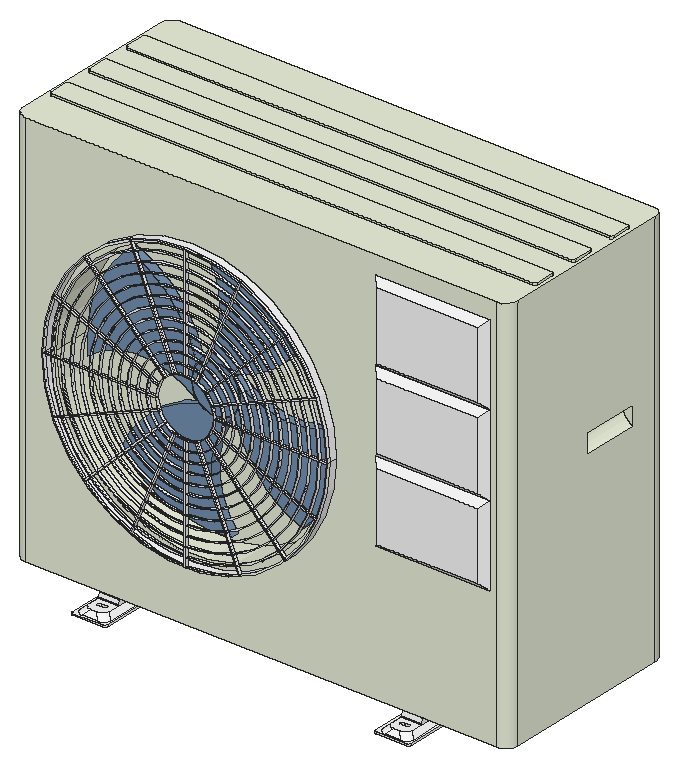
Revit family "8(10,12,14,16,18)kW", category Mechanical Equipment, Revit 2013
Parameters (values of type "8kw")
  clearance access right = 1000.000 mm
  clearance access left = 1000.000 mm
  clearance access front = 1000.000 mm
  clearance access behind = 1000.000 mm
  clearance [instance] = no
  Width = 1038.000 mm
  Series = "VRF"
  Power supply = "220-240V~ 50Hz"
  Net Weight = 77.00 kg
  Model = "8kw"
  Minimum Circuit Amps = 21.3 A
  Maximum Fuse Amps = 25 A
  Manufacturer = "Midea"
  Liquid pipe Radius = 0.5 * Liquid pipe  # 4.750 mm
  Liquid pipe = 9.500 mm
  Installation = "Outdoor installation"
  Height = 864.000 mm
  Heating Power Input = 2.50 kW
  Heating Capacity = 9.00 kW
  Gas pipe Radius = 0.5 * Gas pipe  # 7.950 mm
  Gas pipe = 15.900 mm
  Gas = "R32"
  Description = ""
  Depth = 409.000 mm
  Cooling Power Input = 2.00 kW
  Cooling Capacity = 7.20 kW
  Condensation = "Air"
  Casing color = "SB2098"
Types (7, lengths in mm): name | Net Weight | Model | Minimum Circuit Amps | Maximum Fuse Amps | Heating Power Input | Heating Capacity | Gas pipe Radius | Gas pipe | Cooling Power Input | Cooling Capacity
  (no name) | 77.00 kg | "8kw" | 21.3 A | 25 A | 2.50 kW | 9.00 kW | 7.950 | 15.900 | 2.00 kW | 7.20 kW
  8kw | 77.00 kg | "8kw" | 21.3 A | 25 A | 2.50 kW | 9.00 kW | 7.950 | 15.900 | 2.00 kW | 7.20 kW
  10kw | 77.00 kg | "10kw" | 24 A | 25 A | 3.20 kW | 10.80 kW | 7.950 | 15.900 | 2.80 kW | 9.00 kW
  12kw | 94.00 kg | "12kw" | 32 A | 32 A | 3.60 kW | 14.00 kW | 7.950 | 15.900 | 3.70 kW | 12.30 kW
  14kw | 94.00 kg | "14kw" | 35 A | 40 A | 4.20 kW | 16.00 kW | 7.950 | 15.900 | 4.70 kW | 14.00 kW
  16kw | 94.00 kg | "16kw" | 40 A | 40 A | 4.70 kW | 17.50 kW | 7.950 | 15.900 | 5.30 kW | 15.50 kW
  18kW | 94.00 kg | "18kW" | 40 A | 40 A | 5.60 kW | 19.50 kW | 9.550 | 19.100 | 6.50 kW | 17.50 kW
Reference planes
  plane 1 "Center (Front/Back)": y = 0
  plane 2: z = 0
  plane 3 "Center (Left/Right)": x = 0
  plane 4: y = -245.5
  plane 5: x = -519
  plane 6: x = 519
  plane 7: z = 312.087
  plane 8: z = 864
  plane 9: y = 220
  plane 10: y = 16
  plane 11: z = 567.087
  plane 12: z = 822.087
  plane 13: z = 482.087
  plane 14: z = 652.087
Forms (mm)
  Extrusion 1, solid, material "Galvanized Steel", detail levels medium+fine
    sketch origin (-463, 0, 789) x (1, 0, 0) y (0, 1, 0)
      loop
        line (957, 220) -> (-31, 220)
        arc (-31, 220) -> (-48.678, 212.678) -> (-56, 195) r 25
        line (-56, 195) -> (-56, -164)
        arc (-56, -164) -> (-48.678, -181.678) -> (-31, -189) r 25
        line (-31, -189) -> (957, -189)
        arc (957, -189) -> (974.678, -181.678) -> (982, -164) r 25
        line (982, -164) -> (982, 195)
        arc (982, 195) -> (974.678, 212.678) -> (957, 220) r 25
    from -765 to 71
  Extrusion 2, void
    sketch origin (-20, 0, 40) x (1, 0, 0) y (0, 0, 1)
      loop
        circle (-122.999, 406.499) r 286
    from 110.334 to 189
  Extrusion 3, solid, material "Galvanized Steel", detail levels fine
    sketch origin (0, 20, 0) x (1, 0, 0) y (0, 1, 0)
      loop
        line (505, 20.787) -> (0, 20.787) -> (-505, 20.787)
        arc (-505, 20.787) -> (-508.536, 19.323) -> (-510, 15.787) r 5
        line (-510, 15.787) -> (-510, -21.969)
        arc (-510, -21.969) -> (-508.536, -25.504) -> (-505, -26.969) r 5
        line (-505, -26.969) -> (0, -26.969) -> (505, -26.969)
        arc (505, -26.969) -> (508.536, -25.504) -> (510, -21.969) r 5
        line (510, -21.969) -> (510, 15.787)
        arc (510, 15.787) -> (508.536, 19.323) -> (505, 20.787) r 5
      loop
        line (505, 120.787) -> (0, 120.787) -> (-505, 120.787)
        arc (-505, 120.787) -> (-508.536, 119.323) -> (-510, 115.787) r 5
        line (-510, 115.787) -> (-510, 78.031)
        arc (-510, 78.031) -> (-508.536, 74.496) -> (-505, 73.031) r 5
        line (-505, 73.031) -> (0, 73.031) -> (505, 73.031)
        arc (505, 73.031) -> (508.536, 74.496) -> (510, 78.031) r 5
        line (510, 78.031) -> (510, 115.787)
        arc (510, 115.787) -> (508.536, 119.323) -> (505, 120.787) r 5
      loop
        line (505, -79.213) -> (0, -79.213) -> (-505, -79.213)
        arc (-505, -79.213) -> (-508.536, -80.677) -> (-510, -84.213) r 5
        line (-510, -84.213) -> (-510, -121.969)
        arc (-510, -121.969) -> (-508.536, -125.504) -> (-505, -126.969) r 5
        line (-505, -126.969) -> (0, -126.969) -> (505, -126.969)
        arc (505, -126.969) -> (508.536, -125.504) -> (510, -121.969) r 5
        line (510, -121.969) -> (510, -84.213)
        arc (510, -84.213) -> (508.536, -80.677) -> (505, -79.213) r 5
    from 860 to 864
  Extrusion 4, void
    sketch origin (-438, -192, 810) x (1, 0, 0) y (0, 0, -1)
      loop
        line (731.52, 217.5) -> (811.52, 217.5) -> (811.52, 257.5) -> (731.52, 257.5) -> (731.52, 217.5)
    from 0 to 30.666
  Extrusion 5, solid, material "Galvanized Steel", detail levels medium+fine
    sketch origin (458, -189, 799) x (-1, 0, 0) y (0, 0, -1)
      loop
        circle (30.982, 736.541) r 4.765
    from -421 to -383.266
  Extrusion 6, solid, material "Galvanized Steel", detail levels medium+fine
    sketch origin (458, -189, 829) x (-1, 0, 0) y (0, 0, -1)
      loop
        circle (30.982, 736.541) r 7.95
    from -421 to -383.266
  Extrusion 7, void
    sketch origin (65.5, 0, 0) x (1, 0, 0) y (0, 0, 1)
      loop
        line (446.25, 532.035) -> (428.211, 532.035)
        arc (428.211, 532.035) -> (441.329, 500.364) -> (473, 487.246) r 44.789
        line (473, 487.246) -> (473, 532.035) -> (446.25, 532.035)
    from -137.024 to -16.461
  Extrusion 8, solid, material "HXL-White", detail levels fine
    sketch origin (0, 0, 0) x (1, 0, 0) y (0, 1, 0)
      loop
        line (240, -189) -> (254.142, -203.142) -> (465.789, -203.142) -> (479.931, -189) -> (240, -189)
    from 312.087 to 822.087
  Extrusion 9, void
    sketch origin (0, 0, 0) x (0, 1, 0) y (0, 0, 1)
      loop
        line (-189, 652.087) -> (-203.142, 666.229) -> (-203.142, 637.945) -> (-189, 652.087)
      loop
        line (-189, 482.087) -> (-203.142, 496.229) -> (-203.142, 467.945) -> (-189, 482.087)
      loop
        line (-189, 312.087) -> (-203.142, 326.229) -> (-203.142, 297.945) -> (-189, 312.087)
      loop
        line (-189, 822.087) -> (-203.142, 836.229) -> (-203.142, 807.945) -> (-189, 822.087)
    from 240 to 479.931
Cuts and joins
  Extrusion 2, Extrusion 4, Extrusion 7 cuts Extrusion 1
  Extrusion 9 cuts Extrusion 8
Lines and regions (mm)
  model lines, detail levels coarse
    curve 1: line (-519, 220, 24) -> (-519, -189, 24)
    curve 2: line (519, 220, 24) -> (-519, 220, 24)
    curve 3: line (519, -189, 24) -> (519, 220, 24)
    curve 4: line (-519, -189, 24) -> (519, -189, 24)
    curve 5: line (536.5, 221, 860) -> (536.5, 221, 24)
    curve 6: line (-536.5, 221, 24) -> (-536.5, 221, 860)
    curve 7: line (536.5, -189, 860) -> (536.5, -189, 24)
    curve 8: line (-536.5, -189, 24) -> (-536.5, -189, 860)
    curve 9: line (519, -189, 860) -> (519, 220, 860)
    curve 10: line (519, 220, 860) -> (-519, 220, 860)
    curve 11: line (-519, 220, 860) -> (-519, -189, 860)
    curve 12: line (-519, -189, 860) -> (519, -189, 860)
Dimensions and locks
  aligned and locked: level to plane 2
Nested families
  nested 1: "xiaodijia523" at (318, 50.5, 0), type "xiaodijia523", detail levels medium+fine
  nested 2: "xiaodijia523" at (-318, 50.5, 0), type "xiaodijia523", detail levels medium+fine
  nested 3: "fengkou300+hou" at (-143, -211, 446.5) x (1, 0, 0) z (0, 1, 0), type "fengkou300+hou", detail levels medium+fine
  nested 4: "fengshan270" at (-142.996, -100, 446.5) x (0, 0, 1) z (0, -1, 0), type "fengshan270", detail levels fine
  nested 5: "service space" at (519, -189, 0), Height <- "Height", visible <- "clearance", type "Service  Space"
    with Width 600.000 mm, Height 864.000 mm, Depth 409.000 mm
  nested 6: "service space" at (-819, -189, 0), Height <- "Height", visible <- "clearance", type "Service  Space"
    with Width 300.000 mm, Height 864.000 mm, Depth 409.000 mm
  nested 7: "service space" at (-519, 220, 0), Height <- "Height", visible <- "clearance", type "Service  Space"
    with Width 1038.000 mm, Height 864.000 mm, Depth 300.000 mm
  nested 8: "service space" at (-519, -2189, 0), Height <- "Height", visible <- "clearance", type "Service  Space"
    with Width 1038.000 mm, Height 864.000 mm, Depth 2000.000 mm
Connectors
  piping at (427.018, 232, 62.459), driven by "Liquid pipe Radius"
    settings: on Extrusion 5, index 2, connector radius 0.18701", flow factor 0, pipe flow 0 GPM, pressure drop 0.00 psi, fitting loss kfactor 0, connector angle 0.00°, fixture units 0, engagement length 0.000 mm, flow configuration 0, flow direction 0, fitting loss method 0, system type 7, joint type 0, gender type 0, connector reference index -1, connector utility 0, adjustable connector no, is connector primary yes, fitting loss table "", connector description ""
  piping at (427.018, 232, 92.459), driven by "Gas pipe Radius"
    settings: on Extrusion 6, index 3, connector radius 0.31299", flow factor 0, pipe flow 0 GPM, pressure drop 0.00 psi, fitting loss kfactor 0, connector angle 0.00°, fixture units 0, engagement length 0.000 mm, flow configuration 0, flow direction 0, fitting loss method 0, system type 8, joint type 0, gender type 0, connector reference index -1, connector utility 0, adjustable connector no, is connector primary no, fitting loss table "", connector description ""
  electrical at (359.966, -203.142, 567.087)
    settings: on cut or joined group of Extrusion 8, Extrusion 9, index 4, voltage 0 V, apparent load 0 VA, apparent load phase1 0 VA, apparent load phase2 0 VA, apparent load phase3 0 VA, power factor 1, load classification "Other", number of poles 1, system type 31, power factor state 1, is connector primary yes, connector utility no, sub classification motor no, connector description ""
Definition of nested family "xiaodijia523"
  Reference planes
    plane 1 "Center (Front/Back)": y = 0
    plane 2: z = 0
    plane 3 "Center (Left/Right)": x = 0
    plane 4: y = 227
    plane 5: x = -36.5
    plane 6: x = 36.5
    plane 7: z = 12
    plane 8: z = 3
    plane 9: z = 24
    plane 10: x = 21.5
    plane 11: x = -21.5
    plane 12: y = 190
    plane 13: y = -259
    plane 14: x = -6
    plane 15: x = 6
    plane 16: y = -186
    plane 17: y = -194
    plane 18: y = -296
    plane 19: y = -34.5
  Forms (mm)
    Blend 1, solid, material "HXL White"
      base sketch origin (0, 0, 0) x (1, 0, 0) y (0, 1, 0)
        loop
          line (6.5, 212) -> (-6.5, 212)
          arc (-6.5, 212) -> (-17.107, 207.607) -> (-21.5, 197) r 15
          line (-21.5, 197) -> (-21.5, -266)
          arc (-21.5, -266) -> (-17.107, -276.607) -> (-6.5, -281) r 15
          line (-6.5, -281) -> (6.5, -281)
          arc (6.5, -281) -> (17.107, -276.607) -> (21.5, -266) r 15
          line (21.5, -266) -> (21.5, 197)
          arc (21.5, 197) -> (17.107, 207.607) -> (6.5, 212) r 15
      top sketch origin (0, 0, 0) x (1, 0, 0) y (0, 1, 0)
        loop
          line (26.5, 222) -> (-26.5, 222)
          arc (-26.5, 222) -> (-30.036, 220.536) -> (-31.5, 217) r 5
          line (-31.5, 217) -> (-31.5, -276)
          arc (-31.5, -276) -> (-27.107, -286.607) -> (-16.5, -291) r 15
          line (-16.5, -291) -> (16.5, -291)
          arc (16.5, -291) -> (27.107, -286.607) -> (31.5, -276) r 15
          line (31.5, -276) -> (31.5, 217)
          arc (31.5, 217) -> (30.036, 220.536) -> (26.5, 222) r 5
      from 12 to 3
    Blend 2, void
      base sketch origin (0, 0, 0) x (1, 0, 0) y (0, 1, 0)
        loop
          line (6.5, 202) -> (-6.5, 202)
          arc (-6.5, 202) -> (-10.036, 200.536) -> (-11.5, 197) r 5
          line (-11.5, 197) -> (-11.5, -197)
          arc (-11.5, -197) -> (-10.036, -200.536) -> (-6.5, -202) r 5
          line (-6.5, -202) -> (6.5, -202)
          arc (6.5, -202) -> (10.036, -200.536) -> (11.5, -197) r 5
          line (11.5, -197) -> (11.5, 197)
          arc (11.5, 197) -> (10.036, 200.536) -> (6.5, 202) r 5
      top sketch origin (0, 0, 0) x (1, 0, 0) y (0, 1, 0)
        loop
          line (31.5, -207) -> (31.5, 217)
          arc (31.5, 217) -> (30.036, 220.536) -> (26.5, 222) r 5
          line (26.5, 222) -> (-26.5, 222)
          arc (-26.5, 222) -> (-30.036, 220.536) -> (-31.5, 217) r 5
          line (-31.5, 217) -> (-31.5, -207)
          arc (-31.5, -207) -> (-27.107, -217.607) -> (-16.5, -222) r 15
          line (-16.5, -222) -> (16.5, -222)
          arc (16.5, -222) -> (27.107, -217.607) -> (31.5, -207) r 15
      from 8.355 to 3
    Extrusion 3, solid, material "HXL White"
      sketch origin (0, 0, 0) x (1, 0, 0) y (0, 1, 0)
        loop
          arc (-31.5, 227) -> (-35.036, 225.536) -> (-36.5, 222) r 5
          line (-36.5, 222) -> (-36.5, -291)
          arc (-36.5, -291) -> (-35.036, -294.536) -> (-31.5, -296) r 5
          line (-31.5, -296) -> (31.5, -296)
          arc (31.5, -296) -> (35.036, -294.536) -> (36.5, -291) r 5
          line (36.5, -291) -> (36.5, 222)
          arc (36.5, 222) -> (35.036, 225.536) -> (31.5, 227) r 5
          line (31.5, 227) -> (-31.5, 227)
        loop
          arc (-26.5, 222) -> (-30.036, 220.536) -> (-31.5, 217) r 5
          line (-31.5, 217) -> (-31.5, -276)
          arc (-31.5, -276) -> (-27.107, -286.607) -> (-16.5, -291) r 15
          line (-16.5, -291) -> (16.5, -291)
          arc (16.5, -291) -> (27.107, -286.607) -> (31.5, -276) r 15
          line (31.5, -276) -> (31.5, 217)
          arc (31.5, 217) -> (30.036, 220.536) -> (26.5, 222) r 5
          line (26.5, 222) -> (-26.5, 222)
      from 0 to 3
    Extrusion 4, solid, material "HXL White"
      sketch origin (0, -34.5, 0) x (0, 1, 0) y (0, 0, 1)
        loop
          arc (-19.275, 24) -> (-19.902, 23.667) -> (-20.264, 23.056) r 1.312
          line (-20.264, 23.056) -> (-22.833, 13.434)
          arc (-22.833, 13.434) -> (-23.437, 12.605) -> (-24.266, 12) r 3.318
          line (-24.266, 12) -> (24.266, 12)
          arc (24.266, 12) -> (23.437, 12.605) -> (22.833, 13.434) r 3.318
          line (22.833, 13.434) -> (20.264, 23.056)
          arc (20.264, 23.056) -> (19.902, 23.667) -> (19.275, 24) r 1.312
          line (19.275, 24) -> (-19.275, 24)
      from -21.5 to 21.5
    Extrusion 5, solid, material "HXL White"
      sketch origin (0, 150, 0) x (0, 1, 0) y (0, 0, 1)
        loop
          arc (-19.275, 24) -> (-19.902, 23.667) -> (-20.264, 23.056) r 1.312
          line (-20.264, 23.056) -> (-22.833, 13.434)
          arc (-22.833, 13.434) -> (-23.437, 12.605) -> (-24.266, 12) r 3.318
          line (-24.266, 12) -> (24.266, 12)
          arc (24.266, 12) -> (23.437, 12.605) -> (22.833, 13.434) r 3.318
          line (22.833, 13.434) -> (20.264, 23.056)
          arc (20.264, 23.056) -> (19.902, 23.667) -> (19.275, 24) r 1.312
          line (19.275, 24) -> (-19.275, 24)
      from -21.5 to 21.5
    Extrusion 6, void
      sketch origin (0, -69, 0) x (1, 0, 0) y (0, 1, 0)
        loop
          arc (-6, -186) -> (-10, -190) -> (-6, -194) r 4
          line (-6, -194) -> (6, -194)
          arc (6, -194) -> (10, -190) -> (6, -186) r 4
          line (6, -186) -> (-6, -186)
        loop
          line (-6, 255) -> (6, 255)
          arc (6, 255) -> (10, 259) -> (6, 263) r 4
          line (6, 263) -> (-6, 263)
          arc (-6, 263) -> (-10, 259) -> (-6, 255) r 4
      from 0 to 20
    Extrusion 7, solid, material "HXL White"
      sketch origin (0, -219, 0) x (0, -1, 0) y (0, 0, -1)
        loop
          line (-19.275, -24) -> (19.275, -24)
          arc (19.275, -24) -> (19.902, -23.667) -> (20.264, -23.056) r 1.312
          line (20.264, -23.056) -> (22.833, -13.434)
          arc (22.833, -13.434) -> (23.437, -12.605) -> (24.266, -12) r 3.318
          line (24.266, -12) -> (-24.266, -12)
          arc (-24.266, -12) -> (-23.437, -12.605) -> (-22.833, -13.434) r 3.318
          line (-22.833, -13.434) -> (-20.264, -23.056)
          arc (-20.264, -23.056) -> (-19.902, -23.667) -> (-19.275, -24) r 1.312
      from -21.5 to 21.5
  Cuts and joins
    Blend 2, Extrusion 6 cuts Blend 1
  Dimensions and locks
    aligned and locked: level to plane 2
Definition of nested family "fengkou300+hou"
  Parameters (values of type "fengkou300+hou")
    Series = ""
    Machine material = HXL-White
    Installation = ""
    Gas = ""
    Condensation = ""
  Reference planes
    plane 1 "Center (Front/Back)": y = 0
    plane 2: z = 0
    plane 3 "Center (Left/Right)": x = 0
  Forms (mm)
    Extrusion 1, solid, material "HXL-White" <- "Machine material"
      sketch origin (0, 0, 0) x (1, 0, 0) y (0, 1, 0)
        loop
          circle (0, 0) r 60
        loop
          circle (0, 0) r 61
        loop
          circle (0, 0) r 80
        loop
          circle (0, 0) r 81
        loop
          circle (0, 0) r 100
        loop
          circle (0, 0) r 101
        loop
          circle (0, 0) r 120
        loop
          circle (0, 0) r 121
        loop
          circle (0, 0) r 140
        loop
          circle (0, 0) r 141
        loop
          circle (0, 0) r 160
        loop
          circle (0, 0) r 161
        loop
          circle (0, 0) r 180
        loop
          circle (0, 0) r 181
        loop
          circle (0, 0) r 200
        loop
          circle (0, 0) r 201
        loop
          circle (0, 0) r 220
        loop
          circle (0, 0) r 221
        loop
          circle (0, 0) r 240
        loop
          circle (0, 0) r 241
        loop
          circle (0, 0) r 260
        loop
          circle (0, 0) r 261
        loop
          circle (0, 0) r 300
        loop
          circle (0, 0) r 298
        loop
          circle (0, 0) r 280
        loop
          circle (0, 0) r 282
      from 0 to 5
    Extrusion 2, solid, material "HXL-White" <- "Machine material"
      sketch origin (0, 0, 0) x (1, 0, 0) y (0, 1, 0)
        loop
          line (112.868, 276.414) -> (21.566, 55.993) -> (24.338, 54.845) -> (115.639, 275.266) -> (112.868, 276.414)
        loop
          line (-115.892, -275.873) -> (-113.121, -277.021) -> (-21.566, -55.988) -> (-24.338, -54.84) -> (-115.892, -275.873)
        loop
          line (276.767, -113.015) -> (55.991, -21.567) -> (54.843, -24.338) -> (275.619, -115.787) -> (276.767, -113.015)
        loop
          line (-275.322, 115.668) -> (-276.47, 112.896) -> (-55.987, 21.569) -> (-54.839, 24.341) -> (-275.322, 115.668)
        loop
          line (274.833, 115.468) -> (54.841, 24.344) -> (55.989, 21.572) -> (275.981, 112.696) -> (274.833, 115.468)
        loop
          line (-276.35, -112.845) -> (-275.202, -115.616) -> (-54.841, -24.339) -> (-55.989, -21.568) -> (-276.35, -112.845)
        loop
          line (115.817, -275.686) -> (24.34, -54.841) -> (21.569, -55.989) -> (113.046, -276.834) -> (115.817, -275.686)
        loop
          line (-112.949, 276.604) -> (-115.72, 275.456) -> (-24.339, 54.842) -> (-21.567, 55.99) -> (-112.949, 276.604)
        loop
          line (210.396, 212.522) -> (41.351, 43.478) -> (43.472, 41.356) -> (212.517, 210.401) -> (210.396, 212.522)
        loop
          line (-212.076, -209.955) -> (-209.954, -212.076) -> (-41.351, -43.473) -> (-43.472, -41.352) -> (-212.076, -209.955)
        loop
          line (212.134, -210.01) -> (43.475, -41.352) -> (41.354, -43.473) -> (210.012, -212.132) -> (212.134, -210.01)
        loop
          line (-209.969, 212.093) -> (-212.09, 209.971) -> (-43.472, 41.353) -> (-41.351, 43.474) -> (-209.969, 212.093)
        loop
          line (298.287, 1.504) -> (59.981, 1.504) -> (59.981, -1.496) -> (298.287, -1.496) -> (298.287, 1.504)
        loop
          line (-298.652, 1.5) -> (-298.652, -1.5) -> (-59.981, -1.5) -> (-59.981, 1.5) -> (-298.652, 1.5)
        loop
          line (1.5, -298.432) -> (1.5, -59.981) -> (-1.5, -59.981) -> (-1.5, -298.432) -> (1.5, -298.432)
        loop
          line (1.5, 298.807) -> (-1.5, 298.807) -> (-1.5, 59.981) -> (1.5, 59.981) -> (1.5, 298.807)
      from 0 to 5
    Extrusion 3, solid, material "HXL-White" <- "Machine material"
      sketch origin (0, 0, 0) x (1, 0, 0) y (0, 1, 0)
        loop
          circle (0, 0) r 300
        loop
          circle (0, 0) r 298
      from 0 to 32.548
  Dimensions and locks
    aligned and locked: level to plane 2
Definition of nested family "fengshan270"
  Reference planes
    plane 1 "Center (Front/Back)": y = 0
    plane 2: z = 0
    plane 3 "Center (Left/Right)": x = 0
  Forms (mm)
    Extrusion 1, solid, material "Midea Dark Blue"
      sketch origin (0, 0, 0) x (1, 0, 0) y (0, 1, 0)
        loop
          circle (0, 0) r 50
      from 0 to 30
    Extrusion 2, solid, material "Midea Dark Blue"
      sketch origin (-20, 0, 0) x (0, -1, 0) y (1, 0, 0)
        loop
          arc (32.105, 288.084) -> (-94.042, 273.093) -> (-199.371, 202.075) r 270
          arc (-199.371, 202.075) -> (-134.798, 110.882) -> (-35, 60.622) r 231.205
          arc (-35, 60.622) -> (0, 70) -> (35, 60.622) r 70
          arc (35, 60.622) -> (-8.793, 173.814) -> (32.105, 288.084) r 173.918
      from 0 to 30
    Extrusion 3, solid, material "Midea Dark Blue"
      sketch origin (20, 0, 0) x (0, 1, 0) y (-1, 0, 0)
        loop
          arc (32.105, 288.084) -> (-94.042, 273.093) -> (-199.371, 202.075) r 270
          arc (-199.371, 202.075) -> (-134.798, 110.882) -> (-35, 60.622) r 231.205
          arc (-35, 60.622) -> (0, 70) -> (35, 60.622) r 70
          arc (35, 60.622) -> (-8.793, 173.814) -> (32.105, 288.084) r 173.918
      from 0 to 30
    Extrusion 4, solid, material "Midea Dark Blue"
      sketch origin (0, 0, 0) x (1, 0, 0) y (0, 1, 0)
        loop
          arc (32.105, 268.084) -> (-94.042, 253.093) -> (-199.371, 182.075) r 270
          arc (-199.371, 182.075) -> (-134.798, 90.882) -> (-35, 40.622) r 231.205
          arc (-35, 40.622) -> (0, 50) -> (35, 40.622) r 70
          arc (35, 40.622) -> (-8.793, 153.814) -> (32.105, 268.084) r 173.918
        loop
          arc (199.371, -182.075) -> (134.798, -90.882) -> (35, -40.622) r 231.205
          arc (35, -40.622) -> (0, -50) -> (-35, -40.622) r 70
          arc (-35, -40.622) -> (8.793, -153.814) -> (-32.105, -268.084) r 173.918
          arc (-32.105, -268.084) -> (94.042, -253.093) -> (199.371, -182.075) r 270
      from 0 to 30
  Dimensions and locks
    aligned and locked: level to plane 2
Definition of nested family "service space"
  Parameters (values of type "Midea Service  Space")
    Width [instance] = 500.000 mm
    Height [instance] = 500.000 mm
    Depth [instance] = 500.000 mm
  Reference planes
    plane 1 "Center (Front/Back)": y = 0
    plane 2: z = 0
    plane 3 "Center (Left/Right)": x = 0
    plane 4: z = 500
    plane 5: y = 500
    plane 6: x = 500
  Forms (mm)
    Extrusion 1, solid, material "Midea Service Space-HDY"
      sketch origin (0, 0, 0) x (1, 0, 0) y (0, 1, 0)
        loop
          line (0, 500) -> (0, 0) -> (500, 0) -> (500, 500) -> (0, 500)
      from 0 to 500
  Dimensions and locks
    "Width": plane 3 "Center (Left/Right)" to plane 6
    "Depth": plane 5 to plane 1 "Center (Front/Back)"
    "Height": level to plane 4
    aligned and locked: level to plane 2
    aligned and locked: plane 5 to Extrusion 1
    aligned and locked: Extrusion 1 to plane 6
    aligned and locked: Extrusion 1 to plane 3 "Center (Left/Right)"
    aligned and locked: plane 1 "Center (Front/Back)" to Extrusion 1
    aligned and locked: Extrusion 1 to plane 4
  Automatic sketch dimensions
    Extrusion 1 sketch curve to plane 3 "Center (Left/Right)" = 0.000 mm
    plane 1 "Center (Front/Back)" to Extrusion 1 sketch curve = 0.000 mm
    Extrusion 1 sketch curve to plane 6 = 0.000 mm
    Extrusion 1 sketch curve to plane 5 = 0.000 mm
